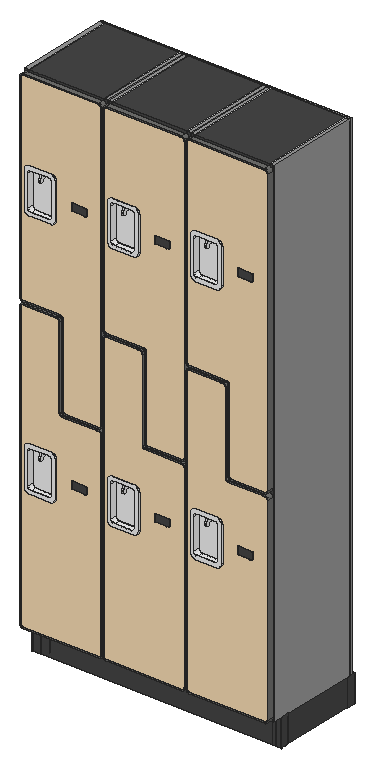
Revit family "Wood_Lockers-Salsbury_Industries-37000_Series-3_Wide_Units", category Specialty Equipment, Revit 2026 (continued)
Definition of nested family "Wood Locker Side Panels-With Slope"
  Automatic sketch dimensions
    plane 12 "Right Side of Wood" to Sweep 3 sketch curve = 0.03661"
    plane 13 "Left Side of Wood" to Extrusion 2 sketch curve = 0.000"
    Extrusion 2 sketch curve to plane 15 "Bottom of Wood" = 0.000"
    plane 12 "Right Side of Wood" to Extrusion 2 sketch curve = 0.000"
    Extrusion 2 sketch curve to plane 13 "Left Side of Wood" = 0.125"  (x2)
    plane 17 to Extrusion 2 sketch curve = 0.00927"
    Extrusion 2 sketch curve to Extrusion 2 sketch curve = 0.04724"
    Extrusion 2 sketch curve to Extrusion 2 sketch curve = 0.125"  (x2)
    plane 12 "Right Side of Wood" to Extrusion 2 sketch curve = 0.03661"
    plane 14 "Top of Wood" to Extrusion 2 sketch curve = 0.125"
    plane 13 "Left Side of Wood" to Extrusion 1 sketch curve = 0.000"
    Extrusion 1 sketch curve to plane 15 "Bottom of Wood" = 0.000"
    plane 12 "Right Side of Wood" to Extrusion 1 sketch curve = 0.000"
    Extrusion 1 sketch curve to plane 13 "Left Side of Wood" = 0.125"  (x2)
    plane 17 to Extrusion 1 sketch curve = 0.00927"
    Extrusion 1 sketch curve to Extrusion 1 sketch curve = 0.04724"
    plane 12 "Right Side of Wood" to Extrusion 1 sketch curve = 0.125"
    Extrusion 1 sketch curve to Extrusion 1 sketch curve = 0.125"
    plane 12 "Right Side of Wood" to Extrusion 1 sketch curve = 0.03661"
    plane 14 "Top of Wood" to Extrusion 1 sketch curve = 0.125"
Definition of nested family "Wood Locker Double Side Panels-No Slope"
  Parameters (values of type "33330DE - 6' H for 15"D Lockers")
    Width = 29.250"
    Visible = yes
    Version = "1.0 (2/29/16)"
    Type Comments = "Double End Panel for Designer Wood Lockers"
    Model = "33330DE"
    Manufacturer = "Salsbury Industries"
    Laminate Surface = none
    Height = 72.000"
    Door Trim = none
    Description = "For 6' H x 15\" D without Sloping Hood"
    Depth = 0.750"
    Default Elevation = 0.000"
  Types (11): name | Width | Visible | Version | Type Comments | Model | Manufacturer | Height | Description
    (no name) | 29.250" | yes | "1.0 (2/29/16)" | "Double End Panel for Designer Wood Lockers" | "33330DE" | "Salsbury Industries" | 72.000" | "For 6' H x 15\" D without Sloping Hood"
    33330DE - 6' H for 15"D Lockers | 29.250" | yes | "1.0 (2/29/16)" | "Double End Panel for Designer Wood Lockers" | "33330DE" | "Salsbury Industries" | 72.000" | "For 6' H x 15\" D without Sloping Hood"
    33333DE - 6' H for 18" D Lockers | 35.250" | yes | "1.0 (2/29/16)" | "Double End Panel for Designer Wood Lockers" | "33333DE" | "Salsbury Industries" | 72.000" | "For 6' H x 18\" D without Sloping Hood"
    33335DE - 6' H for 21" D Lockers | 41.250" | yes | "1.0 (2/29/16)" | "Double End Panel for Designer Wood Lockers" | "33335DE" | "Salsbury Industries" | 72.000" | "For 6' H x 21\" D without Sloping Hood"
    22238 - 6' H for 24" D Lockers | 47.250" | yes | "1.0 (2/29/16)" | "Double End Panel for Designer Wood Lockers" | "22238DE" | "Salsbury Industries" | 72.000" | "For 6' H x 24\" D  without Sloping Hood"
    33300DE - 5' H for 15" D Lockers | 29.250" | yes | "1.0 (2/29/16)" | "Double End Panel for Designer Wood Lockers" | "33300DE" | "Salsbury Industries" | 60.000" | "For 5' H x 21\" D without Sloping Hood"
    33303DE - 5' H for 18" D Lockers | 35.250" | yes | "1.0 (2/29/16)" | "Double End Panel for Designer Wood Lockers" | "33303DE" | "Salsbury Industries" | 60.000" | "For 5' H x 18\" D without Sloping Hood"
    33305DE - 5' H for 21" D Lockers | 41.250" | yes | "1.0 (2/29/16)" | "Double End Panel for Designer Wood Lockers" | "33305DE" | "Salsbury Industries" | 60.000" | "For 5' H x 21\" D without Sloping Hood"
    None | 14.000" | no | "" | "" | "" | "" | 72.000" | ""
    22243 - 6' H for 18" D Lockers | 35.250" | yes | "1.0 (2/29/16)" | "Double End Panel for Extra Wide Designer Wood Lockers" | "22243" | "Salsbury Industries" | 72.000" | "For 6' H x 18\" D without Sloping Hood"
    22245 - 6' H for 21" D Lockers | 41.250" | yes | "1.0 (2/29/16)" | "Double End Panel for Extra Wide Designer Wood Lockers" | "22245" | "Salsbury Industries" | 72.000" | "For 6' H x 21\" D without Sloping Hood"
  Reference planes (in)
    plane 1 "Center (Front/Back)": y = 0
    plane 2: z = 0
    plane 3 "Center (Left/Right)": x = 0
    plane 4 "Back": y = 0.375
    plane 5 "Front": y = -0.375
    plane 6 "Left Side": x = -14.625
    plane 7 "Right Side": x = 14.625
    plane 8 "Bottom": z = 0
    plane 9 "Top": z = 72
    plane 10 "Center Elevation": z = 36
    plane 11 "Wood - Laminate Edge": y = -0.344
    plane 12 "Right Side of Wood": x = 14.5
    plane 13 "Left Side of Wood": x = -14.5
    plane 14 "Top of Wood": z = 71.875
    plane 15 "Bottom of Wood": z = 0.125
  Forms (in)
    Extrusion 1, solid, visible <- "Visible"
      sketch origin (0, 0.375, 0) x (1, 0, 0) y (0, 0, 1)
        loop
          line (-14.5, 71.75) -> (-14.5, 0.25)
          arc (-14.5, 0.25) -> (-14.4633883, 0.1616117) -> (-14.375, 0.125) r 0.125
          line (-14.375, 0.125) -> (14.375, 0.125)
          arc (14.375, 0.125) -> (14.4633883, 0.1616117) -> (14.5, 0.25) r 0.125
          line (14.5, 0.25) -> (14.5, 71.75)
          arc (14.5, 71.75) -> (14.4633883, 71.8383883) -> (14.375, 71.875) r 0.125
          line (14.375, 71.875) -> (-14.375, 71.875)
          arc (-14.375, 71.875) -> (-14.4633883, 71.8383883) -> (-14.5, 71.75) r 0.125
      from 0 to 0.719
    Extrusion 2, solid, material <- "Laminate Surface", visible <- "Visible"
      sketch origin (0, -0.375, 0) x (1, 0, 0) y (0, 0, 1)
        loop
          line (-14.5, 71.75) -> (-14.5, 0.25)
          arc (-14.5, 0.25) -> (-14.4633883, 0.1616117) -> (-14.375, 0.125) r 0.125
          line (-14.375, 0.125) -> (14.375, 0.125)
          arc (14.375, 0.125) -> (14.4633883, 0.1616117) -> (14.5, 0.25) r 0.125
          line (14.5, 0.25) -> (14.5, 71.75)
          arc (14.5, 71.75) -> (14.4633883, 71.8383883) -> (14.375, 71.875) r 0.125
          line (14.375, 71.875) -> (-14.375, 71.875)
          arc (-14.375, 71.875) -> (-14.4633883, 71.8383883) -> (-14.5, 71.75) r 0.125
      from -0.031 to 0
    Sweep 3, solid, material <- "Door Trim", visible <- "Visible"
      path origin (0, -0.375, 0) x (1, 0, 0) y (0, 0, 1)
        loop
          line (-14.5, 71.75) -> (-14.5, 0.25)
          arc (-14.5, 0.25) -> (-14.4633883, 0.1616117) -> (-14.375, 0.125) r 0.125
          line (-14.375, 0.125) -> (14.375, 0.125)
          arc (14.375, 0.125) -> (14.4633883, 0.1616117) -> (14.5, 0.25) r 0.125
          line (14.5, 0.25) -> (14.5, 71.75)
          arc (14.5, 71.75) -> (14.4633883, 71.8383883) -> (14.375, 71.875) r 0.125
          line (14.375, 71.875) -> (-14.375, 71.875)
          arc (-14.375, 71.875) -> (-14.4633883, 71.8383883) -> (-14.5, 71.75) r 0.125
      profile origin (-14.4633883, -0.375, 71.8383883) x (-0.707107, 0, 0.707107) y (0, -1, 0)
        loop
          line (0, 0) -> (0, -0.75) -> (0.125, -0.75) -> (0.125, 0) -> (0, 0)
  Dimensions and locks (in)
    equal spacing: plane 6 "Left Side", plane 3 "Center (Left/Right)", plane 7 "Right Side"
    plane 5 "Front" to plane 1 "Center (Front/Back)" to plane 4 "Back" = 0.375", 0.375"
    "Width": plane 6 "Left Side" to plane 7 "Right Side"
    "Depth": plane 5 "Front" to plane 4 "Back"
    equal spacing: plane 9 "Top", plane 10 "Center Elevation", plane 8 "Bottom"
    "Height": plane 9 "Top" to plane 8 "Bottom"
    locked: plane 5 "Front" to plane 11 "Wood - Laminate Edge" at 0.031
    locked: plane 15 "Bottom of Wood" to plane 8 "Bottom" at 0.125
    locked: plane 12 "Right Side of Wood" to plane 7 "Right Side" at 0.125
    locked: plane 6 "Left Side" to plane 13 "Left Side of Wood" at 0.125
    locked: plane 9 "Top" to plane 14 "Top of Wood" at 0.125
    aligned and locked: level to plane 2
  Automatic sketch dimensions
    plane 13 "Left Side of Wood" to Extrusion 1 sketch curve = 0.000"
    Extrusion 1 sketch curve to plane 15 "Bottom of Wood" = 0.000"
    Extrusion 1 sketch curve to plane 14 "Top of Wood" = 0.000"
    plane 12 "Right Side of Wood" to Extrusion 1 sketch curve = 0.000"
    Extrusion 1 sketch curve to plane 13 "Left Side of Wood" = 0.125"  (x2)
    plane 12 "Right Side of Wood" to Extrusion 1 sketch curve = 0.125"  (x2)
    plane 13 "Left Side of Wood" to Extrusion 2 sketch curve = 0.000"
    Extrusion 2 sketch curve to plane 14 "Top of Wood" = 0.000"
    Extrusion 2 sketch curve to plane 15 "Bottom of Wood" = 0.000"
    plane 12 "Right Side of Wood" to Extrusion 2 sketch curve = 0.000"
    Extrusion 2 sketch curve to plane 13 "Left Side of Wood" = 0.125"  (x2)
    plane 12 "Right Side of Wood" to Extrusion 2 sketch curve = 0.125"
    Extrusion 2 sketch curve to Extrusion 2 sketch curve = 0.125"
    plane 13 "Left Side of Wood" to Sweep 3 sketch curve = 0.000"
    Sweep 3 sketch curve to plane 14 "Top of Wood" = 0.000"
    Sweep 3 sketch curve to plane 15 "Bottom of Wood" = 0.000"
    plane 12 "Right Side of Wood" to Sweep 3 sketch curve = 0.000"
    Sweep 3 sketch curve to plane 13 "Left Side of Wood" = 0.125"  (x2)
    plane 12 "Right Side of Wood" to Sweep 3 sketch curve = 0.125"
    Sweep 3 sketch curve to Sweep 3 sketch curve = 0.125"  (x2)
    Sweep 3 sketch curve to profile plane = 0.000"
    plane 5 "Front" to Sweep 3 sketch curve = 0.000"
    Sweep 3 sketch curve to plane 5 "Front" = 0.750"
Definition of nested family "Wood Locker Double Side Panels-With Slope"
  Parameters (values of type "33339DE - 6' H for 15"D Lockers")
    Width = 29.250"
    Visible = yes
    Version = "1.0 (2/29/16)"
    Type Comments = "Double End Panel for Designer Wood Lockers"
    Slope Height = 5.520"
    Model = "33339DE"
    Manufacturer = "Salsbury Industries"
    Laminate Surface = none
    Height = 72.153"
    Door Trim = none
    Description = "For 6' H x 15\" D Lockers with Sloping Hood"
    Depth = 0.750"
    Default Elevation = 0.000"
  Types (11): name | Width | Visible | Version | Type Comments | Slope Height | Model | Manufacturer | Height | Description
    (no name) | 29.250" | yes | "1.0 (2/29/16)" | "Double End Panel for Designer Wood Lockers" | 5.520" | "33339DE" | "Salsbury Industries" | 72.153" | "For 6' H x 15\" D Lockers with Sloping Hood"
    33339DE - 6' H for 15"D Lockers | 29.250" | yes | "1.0 (2/29/16)" | "Double End Panel for Designer Wood Lockers" | 5.520" | "33339DE" | "Salsbury Industries" | 72.153" | "For 6' H x 15\" D Lockers with Sloping Hood"
    33334DE - 6' H  for 18" D Lockers | 35.250" | yes | "1.0 (2/29/16)" | "Double End Panel for Designer Wood Lockers" | 6.645" | "33334DE" | "Salsbury Industries" | 72.153" | "For 6' H x 18\" D Lockers with Sloping Hood"
    33336DE - 6' H for 21" D Lockers | 41.250" | yes | "1.0 (2/29/16)" | "Double End Panel for Designer Wood Lockers" | 7.770" | "33336DE" | "Salsbury Industries" | 72.153" | "For 6' H x 21\" D Lockers with Sloping Hood"
    22247 - 6' H for 24" D Lockers | 47.250" | yes | "1.0 (2/29/16)" | "Double End Panel for Designer Wood Lockers" | 8.895" | "22247" | "Salsbury Industrries" | 72.153" | "For 6' H x 24\" D Lockers with Sloping Hood"
    33309DE - 5' H for 15" D Lockers | 29.250" | yes | "1.0 (2/29/16)" | "Double End Panel for Designer Wood Lockers" | 5.520" | "33309DE" | "Salsbury Industries" | 60.153" | "For 5' H x  15\" D Lockers with Sloping Hood"
    33304DE - 5' H for 18" D Lockers | 35.250" | yes | "1.0 (2/29/16)" | "Double End Panel for Designer Wood Lockers" | 6.645" | "33304DE" | "Salsbury Industries" | 60.153" | "For 5' H x 18\" D Lockers with Sloping Hood"
    33306DE - 5' H for 21" D Lockers | 41.250" | yes | "1.0 (2/29/16)" | "Double End Panel for Designer Wood Lockers" | 7.770" | "33306DE" | "Salsbury Industries" | 60.153" | "For 5' H x 21\" D Lockers with Sloping Hood"
    None | 14.000" | no | "" | "" | 5.500" | "" | "" | 72.000" | ""
    22244 - 6' H for 18" D Lockers | 35.250" | yes | "1.0 (2/29/16)" | "Double End Panel for Extra Wide Designer Wood Lockers" | 6.645" | "22244DE" | "Salsbury Industries" | 72.153" | "For 6' H x 18\" D Lockers with Sloping Hood"
    22246 - 6' H for 21" D Lockers | 41.250" | yes | "1.0 (2/29/16)" | "Double End Panel for Extra Wide Designer Wood Lockers" | 7.770" | "22246" | "Salsbury Industries" | 72.153" | "For 6' H x 21\" D Lockers with Sloping Hood"
  Reference planes (in)
    plane 1 "Center (Front/Back)": y = 0
    plane 2: z = 0
    plane 3 "Center (Left/Right)": x = 0
    plane 4 "Back": y = 0.375
    plane 5 "Front": y = -0.375
    plane 6 "Left Side": x = -14.625
    plane 7 "Right Side": x = 14.625
    plane 8 "Bottom": z = 0
    plane 9 "Top": z = 72.153
    plane 10 "Center Elevation": z = 36.0765
    plane 11 "Wood - Laminate Edge": y = -0.344
    plane 12 "Right Side of Wood": x = 14.5
    plane 13 "Left Side of Wood": x = -14.5
    plane 14 "Top of Wood": z = 72.028
    plane 15 "Bottom of Wood": z = 0.125
    plane 16: z = 77.673
    plane 17: z = 77.548
  Forms (in)
    Extrusion 1, solid, visible <- "Visible"
      sketch origin (0, 0.375, 0) x (1, 0, 0) y (0, 0, 1)
        loop
          line (14.5, 0.25) -> (14.5, 71.903)
          arc (14.5, 71.903) -> (14.4904849, 71.9508354) -> (14.4633883, 71.9913883) r 0.125
          line (14.4633883, 71.9913883) -> (0.1722396, 77.5387299)
          arc (0.1722396, 77.5387299) -> (0.1490703, 77.5456606) -> (0.125, 77.548) r 0.125
          line (0.125, 77.548) -> (-0.125, 77.548)
          arc (-0.125, 77.548) -> (-0.1490703, 77.5456606) -> (-0.1722396, 77.5387299) r 0.125
          line (-0.1722396, 77.5387299) -> (-14.4633883, 71.9913883)
          arc (-14.4633883, 71.9913883) -> (-14.4904849, 71.9508354) -> (-14.5, 71.903) r 0.125
          line (-14.5, 71.903) -> (-14.5, 0.25)
          arc (-14.5, 0.25) -> (-14.4633883, 0.1616117) -> (-14.375, 0.125) r 0.125
          line (-14.375, 0.125) -> (14.375, 0.125)
          arc (14.375, 0.125) -> (14.4633883, 0.1616117) -> (14.5, 0.25) r 0.125
      from 0 to 0.719
    Extrusion 2, solid, material <- "Laminate Surface", visible <- "Visible"
      sketch origin (0, -0.375, 0) x (1, 0, 0) y (0, 0, 1)
        loop
          line (14.5, 0.25) -> (14.5, 71.903)
          arc (14.5, 71.903) -> (14.4904849, 71.9508354) -> (14.4633883, 71.9913883) r 0.125
          line (14.4633883, 71.9913883) -> (0.1722396, 77.5387299)
          arc (0.1722396, 77.5387299) -> (0.1490703, 77.5456606) -> (0.125, 77.548) r 0.125
          line (0.125, 77.548) -> (-0.125, 77.548)
          arc (-0.125, 77.548) -> (-0.1490703, 77.5456606) -> (-0.1722396, 77.5387299) r 0.125
          line (-0.1722396, 77.5387299) -> (-14.4633883, 71.9913883)
          arc (-14.4633883, 71.9913883) -> (-14.4904849, 71.9508354) -> (-14.5, 71.903) r 0.125
          line (-14.5, 71.903) -> (-14.5, 0.25)
          arc (-14.5, 0.25) -> (-14.4633883, 0.1616117) -> (-14.375, 0.125) r 0.125
          line (-14.375, 0.125) -> (14.375, 0.125)
          arc (14.375, 0.125) -> (14.4633883, 0.1616117) -> (14.5, 0.25) r 0.125
      from -0.031 to 0
    Sweep 3, solid, material <- "Door Trim", visible <- "Visible"
      path origin (0, -0.375, 0) x (1, 0, 0) y (0, 0, 1)
        loop
          line (0.125, 77.548) -> (-0.125, 77.548)
          arc (-0.125, 77.548) -> (-0.1490703, 77.5456606) -> (-0.1722396, 77.5387299) r 0.125
          line (-0.1722396, 77.5387299) -> (-14.4633883, 71.9913883)
          arc (-14.4633883, 71.9913883) -> (-14.4904849, 71.9508354) -> (-14.5, 71.903) r 0.125
          line (-14.5, 71.903) -> (-14.5, 0.25)
          arc (-14.5, 0.25) -> (-14.4633883, 0.1616117) -> (-14.375, 0.125) r 0.125
          line (-14.375, 0.125) -> (14.375, 0.125)
          arc (14.375, 0.125) -> (14.4633883, 0.1616117) -> (14.5, 0.25) r 0.125
          line (14.5, 0.25) -> (14.5, 71.903)
          arc (14.5, 71.903) -> (14.4904849, 71.9508354) -> (14.4633883, 71.9913883) r 0.125
          line (14.4633883, 71.9913883) -> (0.1722396, 77.5387299)
          arc (0.1722396, 77.5387299) -> (0.1490703, 77.5456606) -> (0.125, 77.548) r 0.125
      profile origin (0.1490703, -0.375, 77.5456606) x (0.192562, 0, 0.981285) y (0, -1, 0)
        loop
          line (0, 0) -> (0, -0.75) -> (0.125, -0.75) -> (0.125, 0) -> (0, 0)
  Dimensions and locks (in)
    equal spacing: plane 6 "Left Side", plane 3 "Center (Left/Right)", plane 7 "Right Side"
    plane 5 "Front" to plane 1 "Center (Front/Back)" to plane 4 "Back" = 0.375", 0.375"
    "Width": plane 6 "Left Side" to plane 7 "Right Side"
    "Depth": plane 5 "Front" to plane 4 "Back"
    equal spacing: plane 9 "Top", plane 10 "Center Elevation", plane 8 "Bottom"
    "Height": plane 9 "Top" to plane 8 "Bottom"
    locked: plane 5 "Front" to plane 11 "Wood - Laminate Edge" at 0.031
    locked: plane 15 "Bottom of Wood" to plane 8 "Bottom" at 0.125
    locked: plane 12 "Right Side of Wood" to plane 7 "Right Side" at 0.125
    locked: plane 6 "Left Side" to plane 13 "Left Side of Wood" at 0.125
    locked: plane 9 "Top" to plane 14 "Top of Wood" at 0.125
    "Slope Height": plane 16 to plane 9 "Top"
    locked: plane 16 to plane 17 at 0.125
    aligned and locked: level to plane 2
  Automatic sketch dimensions
    Sweep 3 sketch curve to profile plane = 0.000"
    Sweep 3 sketch curve to plane 5 "Front" = 0.000"
    Sweep 3 sketch curve to Sweep 3 sketch curve = 0.125"  (x2)
    Sweep 3 sketch curve to plane 5 "Front" = 0.750"
    plane 13 "Left Side of Wood" to Sweep 3 sketch curve = 0.000"
    Sweep 3 sketch curve to plane 15 "Bottom of Wood" = 0.000"
    Sweep 3 sketch curve to plane 17 = 0.000"
    plane 12 "Right Side of Wood" to Sweep 3 sketch curve = 0.000"
    Sweep 3 sketch curve to plane 13 "Left Side of Wood" = 0.03661"
    Sweep 3 sketch curve to plane 13 "Left Side of Wood" = 0.125"  (x2)
    plane 17 to Sweep 3 sketch curve = 0.00927"  (x2)
    Sweep 3 sketch curve to plane 3 "Center (Left/Right)" = 0.17224"
    Sweep 3 sketch curve to plane 3 "Center (Left/Right)" = 0.125"
    plane 3 "Center (Left/Right)" to Sweep 3 sketch curve = 0.125"
    Sweep 3 sketch curve to Sweep 3 sketch curve = 0.04724"
    plane 12 "Right Side of Wood" to Sweep 3 sketch curve = 0.125"
    plane 12 "Right Side of Wood" to Sweep 3 sketch curve = 0.03661"
    plane 14 "Top of Wood" to Sweep 3 sketch curve = 0.125"  (x2)
    plane 13 "Left Side of Wood" to Extrusion 2 sketch curve = 0.000"
    Extrusion 2 sketch curve to plane 15 "Bottom of Wood" = 0.000"
    Extrusion 2 sketch curve to plane 17 = 0.000"
    plane 12 "Right Side of Wood" to Extrusion 2 sketch curve = 0.000"
    Extrusion 2 sketch curve to plane 13 "Left Side of Wood" = 0.03661"
    Extrusion 2 sketch curve to plane 13 "Left Side of Wood" = 0.125"  (x2)
    plane 17 to Extrusion 2 sketch curve = 0.00927"  (x2)
    Extrusion 2 sketch curve to plane 3 "Center (Left/Right)" = 0.17224"
    Extrusion 2 sketch curve to Extrusion 2 sketch curve = 0.04724"  (x2)
    plane 3 "Center (Left/Right)" to Extrusion 2 sketch curve = 0.125"
    plane 12 "Right Side of Wood" to Extrusion 2 sketch curve = 0.125"
    Extrusion 2 sketch curve to Extrusion 2 sketch curve = 0.125"
    plane 12 "Right Side of Wood" to Extrusion 2 sketch curve = 0.03661"
    plane 14 "Top of Wood" to Extrusion 2 sketch curve = 0.125"  (x2)
    plane 13 "Left Side of Wood" to Extrusion 1 sketch curve = 0.000"
    Extrusion 1 sketch curve to plane 15 "Bottom of Wood" = 0.000"
    Extrusion 1 sketch curve to plane 17 = 0.000"
    plane 12 "Right Side of Wood" to Extrusion 1 sketch curve = 0.000"
    Extrusion 1 sketch curve to plane 13 "Left Side of Wood" = 0.03661"
    Extrusion 1 sketch curve to plane 13 "Left Side of Wood" = 0.125"  (x2)
    plane 17 to Extrusion 1 sketch curve = 0.00927"  (x2)
    Extrusion 1 sketch curve to plane 3 "Center (Left/Right)" = 0.17224"
    Extrusion 1 sketch curve to Extrusion 1 sketch curve = 0.04724"  (x2)
    plane 3 "Center (Left/Right)" to Extrusion 1 sketch curve = 0.125"
    Extrusion 1 sketch curve to Extrusion 1 sketch curve = 0.125"  (x2)
    plane 12 "Right Side of Wood" to Extrusion 1 sketch curve = 0.03661"
    plane 14 "Top of Wood" to Extrusion 1 sketch curve = 0.125"  (x2)
Definition of nested family "Wood Locker Front Fillers"
  Parameters (values of type "33367 - 15" W for 6'H Lockers without Base")
    Width = 15.000"
    Visible Base = no
    Visible = yes
    Version = "1.0 (2/29/16)"
    Type Comments = "Front Vertical Filler for Designer Wood Lockers"
    Model = "33367"
    Manufacturer = "Salsbury Industries"
    Laminate Surface = none
    Height = 72.000"
    Description = "For 6' H Lockers"
    Depth = 0.750"
    Default Elevation = 0.000"
    Base Height = 0.000"
  Types (18): name | Width | Visible Base | Visible | Version | Type Comments | Model | Manufacturer | Height | Description | Base Height
    (no name) | 15.000" | no | yes | "1.0 (2/29/16)" | "Front Vertical Filler for Designer Wood Lockers" | "33367" | "Salsbury Industries" | 72.000" | "For 6' H Lockers" | 0.000"
    33367 - 15"W for 6' H Lockers with Base | 15.000" | yes | yes | "1.0 (2/29/16)" | "Front Vertical Filler for Designer Wood Lockers" | "33367" | "Salsbury Industries" | 72.000" | "For 6' H Lockers" | 4.000"
    None | 15.000" | no | no | "" | "" | "" | "" | 72.000" | "" | 4.000"
    33369 - 9" W for 6' H Lockers with Base | 9.000" | yes | yes | "1.0 (2/29/16)" | "Front Vertical Filler for Designer Wood Lockers" | "33369" | "Salsbury Industries" | 72.000" | "For 6' H Lockers" | 4.000"
    33367 - 15" W for 5' H Lockers with Base | 15.000" | yes | yes | "1.0 (2/29/16)" | "Front Vertical Filler for Designer Wood Lockers" | "33367" | "Salsbury Industries" | 60.000" | "For 5' H Lockers" | 4.000"
    33369 - 9" W for 5' H Lockers with Base | 9.000" | yes | yes | "1.0 (2/29/16)" | "Front Vertical Filler for Designer Wood Lockers" | "33369" | "Salsbury Industries" | 60.000" | "For 5' H Lockers" | 4.000"
    22265 - 15" W for 6' H Lockers with Base | 15.000" | yes | yes | "1.0 (2/29/16)" | "Front Vertical Filler for Extra Wide Designer Wood Lockers" | "22265" | "Salsbury Industries" | 72.000" | "For 6' H Lockers" | 4.000"
    22265 - 15" W for 5' H Lockers with Base | 15.000" | yes | yes | "1.0 (2/29/16)" | "Front Vertical Filler for Extra Wide Designer Wood Lockers" | "22265" | "Salsbury Industries" | 60.000" | "For 5' H Lockers" | 4.000"
    22269 - 9" W for 6' H Lockers with Base | 9.000" | yes | yes | "1.0 (2/29/16)" | "Front Vertical Filler for Extra Wide Designer Wood Lockers" | "22269" | "Salsbury Industries" | 72.000" | "For 6' H Lockers" | 4.000"
    22269 - 9" W for 5' H Lockers with Base | 9.000" | yes | yes | "1.0 (2/29/16)" | "Front Vertical Filler for Extra Wide Designer Wood Lockers" | "22269" | "Salsbury Industries" | 60.000" | "For 5' H Lockers" | 4.000"
    33367 - 15" W for 6'H Lockers without Base | 15.000" | no | yes | "1.0 (2/29/16)" | "Front Vertical Filler for Designer Wood Lockers" | "33367" | "Salsbury Industries" | 72.000" | "For 6' H Lockers" | 0.000"
    33367 - 15" W for 5' H Lockers without Base | 15.000" | no | yes | "1.0 (2/29/16)" | "Front Vertical Filler for Designer Wood Lockers" | "33367" | "Salsbury Industries" | 60.000" | "For 5' H Lockers" | 0.000"
    33369 - 9" W for 5' H Lockers without Base | 9.000" | no | yes | "1.0 (2/29/16)" | "Front Vertical Filler for Designer Wood Lockers" | "33369" | "Salsbury Industries" | 60.000" | "For 5' H Lockers" | 0.000"
    33369 - 9" W for 6' H Lockers without Base | 9.000" | no | yes | "1.0 (2/29/16)" | "Front Vertical Filler for Designer Wood Lockers" | "33369" | "Salsbury Industries" | 72.000" | "For 6' H Lockers" | 0.000"
    22269 - 9" W for 6' H Lockers without Base | 9.000" | no | yes | "1.0 (2/29/16)" | "Front Vertical Filler for Extra Wide Designer Wood Lockers" | "22269" | "Salsbury Industries" | 72.000" | "For 6' H Lockers" | 0.000"
    22269 - 9" W for 5' H Lockers without Base | 9.000" | no | yes | "1.0 (2/29/16)" | "Front Vertical Filler for Extra Wide Designer Wood Lockers" | "22269" | "Salsbury Industries" | 60.000" | "For 5' H Lockers" | 0.000"
    22265 - 15" W for 6' H Lockers without Base | 15.000" | no | yes | "1.0 (2/29/16)" | "Front Vertical Filler for Extra Wide Designer Wood Lockers" | "22265" | "Salsbury Industries" | 72.000" | "For 6' H Lockers" | 0.000"
    22265 - 15" W for 5' H Lockers without Base | 15.000" | no | yes | "1.0 (2/29/16)" | "Front Vertical Filler for Extra Wide Designer Wood Lockers" | "22265" | "Salsbury Industries" | 60.000" | "For 5' H Lockers" | 0.000"
  Reference planes (in)
    plane 1 "Center (Front/Back)": y = 0
    plane 2: z = 0
    plane 3 "Center (Left/Right)": x = 0
    plane 4 "Back": y = 0.375
    plane 5 "Front": y = -0.375
    plane 6 "Left Side": x = -7.5
    plane 7 "Right Side": x = 7.5
    plane 8 "Bottom": z = 0
    plane 9 "Top": z = 72
    plane 10 "Center Elevation": z = 36
    plane 11 "Wood - Laminate Edge": y = -0.344
    plane 12 "Right Side of Wood": x = 7.375
    plane 13 "Left Side of Wood": x = -7.375
    plane 14 "Top of Wood": z = 71.875
    plane 15 "Bottom of Wood": z = 0.125
    plane 16 "Front of Base Filler": y = 1
  Forms (in)
    Extrusion 1, solid, visible <- "Visible"
      sketch origin (0, 0.375, 0) x (1, 0, 0) y (0, 0, 1)
        loop
          line (7.5, 72) -> (-7.5, 72) -> (-7.5, 0) -> (7.5, 0) -> (7.5, 72)
      from 0 to 0.719
    Extrusion 2, solid, material <- "Laminate Surface", visible <- "Visible"
      sketch origin (0, -0.375, 0) x (1, 0, 0) y (0, 0, 1)
        loop
          line (-7.5, 72) -> (-7.5, 0) -> (7.5, 0) -> (7.5, 72) -> (-7.5, 72)
      from -0.031 to 0
    Extrusion 3, solid, visible <- "Visible Base"
      sketch origin (0, 0, 0) x (1, 0, 0) y (0, 1, 0)
        loop
          line (-7.5, 1.75) -> (-7.5, 0.375) -> (7.5, 0.375) -> (7.5, 1.75) -> (-7.5, 1.75)
      from 0 to 0.75
    Extrusion 4, solid, visible <- "Visible Base"
      sketch origin (0, 0, 0) x (1, 0, 0) y (0, 1, 0)
        loop
          line (-7.5, 1.75) -> (-7.5, 1) -> (7.5, 1) -> (7.5, 1.75) -> (-7.5, 1.75)
      from 0 to -4
  Dimensions and locks (in)
    equal spacing: plane 6 "Left Side", plane 3 "Center (Left/Right)", plane 7 "Right Side"
    plane 5 "Front" to plane 1 "Center (Front/Back)" to plane 4 "Back" = 0.375", 0.375"
    "Width": plane 6 "Left Side" to plane 7 "Right Side"
    "Depth": plane 5 "Front" to plane 4 "Back"
    equal spacing: plane 9 "Top", plane 10 "Center Elevation", plane 8 "Bottom"
    locked: plane 5 "Front" to plane 11 "Wood - Laminate Edge" at 0.031
    locked: plane 15 "Bottom of Wood" to plane 8 "Bottom" at 0.125
    locked: plane 12 "Right Side of Wood" to plane 7 "Right Side" at 0.125
    locked: plane 6 "Left Side" to plane 13 "Left Side of Wood" at 0.125
    locked: plane 9 "Top" to plane 14 "Top of Wood" at 0.125
    locked: plane 5 "Front" to plane 16 "Front of Base Filler" at 1.375
    "Base Height": plane 8 "Bottom" to plane 2
    "Height": plane 9 "Top" to plane 8 "Bottom"
    aligned and locked: level to plane 2
    aligned and locked: plane 8 "Bottom" to Extrusion 1
  Automatic sketch dimensions
    plane 6 "Left Side" to Extrusion 1 sketch curve = 0.000"
    plane 7 "Right Side" to Extrusion 1 sketch curve = 0.000"
    level to Extrusion 1 sketch curve = 0.000"
    Extrusion 1 sketch curve to plane 9 "Top" = 0.000"
    plane 6 "Left Side" to Extrusion 2 sketch curve = 0.000"
    plane 7 "Right Side" to Extrusion 2 sketch curve = 0.000"
    plane 15 "Bottom of Wood" to Extrusion 2 sketch curve = 0.125"
    Extrusion 2 sketch curve to plane 9 "Top" = 0.000"
    plane 4 "Back" to Extrusion 3 sketch curve = 0.000"
    Extrusion 3 sketch curve to plane 6 "Left Side" = 0.000"
    Extrusion 3 sketch curve to plane 7 "Right Side" = 0.000"
    Extrusion 3 sketch curve to plane 16 "Front of Base Filler" = 0.750"
    Extrusion 4 sketch curve to plane 6 "Left Side" = 0.000"
    Extrusion 4 sketch curve to plane 7 "Right Side" = 0.000"
    plane 16 "Front of Base Filler" to Extrusion 4 sketch curve = 0.000"
    Extrusion 4 sketch curve to plane 16 "Front of Base Filler" = 0.750"
Definition of nested family "Wood Locker Front Corner Filler"
  Parameters (values of type "33364 - for 6' H Lockers with Base")
    Width = 2.250"
    Visible Base = yes
    Visible = yes
    Version = "1.0 (2/29/16)"
    Type Comments = "Front Vertical Corner Filler for Designer Wood Lockers"
    Model = "33364"
    Manufacturer = "Salsbury Industries"
    Height = 72.000"
    Description = "For 6' H Lockers"
    Depth = 0.750"
    Default Elevation = 0.000"
    Base Height = 4.000"
  Types (10): name | Visible Base | Visible | Version | Type Comments | Model | Manufacturer | Height | Description | Base Height
    (no name) | yes | yes | "1.0 (2/29/16)" | "Front Vertical Corner Filler for Designer Wood Lockers" | "33364" | "Salsbury Industries" | 72.000" | "For 6' H Lockers" | 4.000"
    33364 - for 6' H Lockers with Base | yes | yes | "1.0 (2/29/16)" | "Front Vertical Corner Filler for Designer Wood Lockers" | "33364" | "Salsbury Industries" | 72.000" | "For 6' H Lockers" | 4.000"
    None | no | no | "" | "" | "" | "" | 72.000" | "" | 4.000"
    33364 - for 5' H Lockers with Base | yes | yes | "1.0 (2/29/16)" | "Front Vertical Corner Filler for Designer Wood Lockers" | "33364" | "Salsbury Industries" | 60.000" | "For 5' H Lockers" | 4.000"
    22264 - for 6' H Lockers with Base | yes | yes | "1.0 (2/29/16)" | "Front Vertical Corner Filler for Extra Wide Designer Wood Lockers" | "22264" | "Salsbury Industries" | 72.000" | "For 6' H Lockers" | 4.000"
    22264 - for 5' H Lockers with Base | yes | yes | "1.0 (2/29/16)" | "Front Vertical Corner Filler for Extra Wide Designer Wood Lockers" | "22264" | "Salsbury Industries" | 60.000" | "For 5' H Lockers" | 4.000"
    33364 - for 6'H Lockers without Base | no | yes | "1.0 (2/29/16)" | "Front Vertical Corner Filler for Designer Wood Lockers" | "33364" | "Salsbury Industries" | 72.000" | "For 6' H Lockers" | 0.000"
    33364 - for 5' H Lockers without Base | no | yes | "1.0 (2/29/16)" | "Front Vertical Corner Filler for Designer Wood Lockers" | "33364" | "Salsbury Industries" | 60.000" | "For 5' H Lockers" | 0.000"
    22264 - for 6' H Lockers without Base | no | yes | "1.0 (2/29/16)" | "Front Vertical Corner Filler for Extra Wide Designer Wood Lockers" | "22264" | "Salsbury Industries" | 72.000" | "For 6' H Lockers" | 0.000"
    22264 - for 5' H Lockers without Base | no | yes | "1.0 (2/29/16)" | "Front Vertical Corner Filler for Extra Wide Designer Wood Lockers" | "22264" | "Salsbury Industries" | 60.000" | "For 5' H Lockers" | 0.000"
  Reference planes (in)
    plane 1 "Center (Front/Back)": y = 0
    plane 2 "Bottom of Base": z = 0
    plane 3 "Center (Left/Right)": x = 0
    plane 4 "Back": y = 0.375
    plane 5 "Front": y = -0.375
    plane 6 "Left Side": x = -1.125
    plane 7 "Right Side": x = 1.125
    plane 8 "Bottom": z = 4
    plane 9 "Top": z = 76
    plane 10 "Center Elevation": z = 40
    plane 11 "Wood - Laminate Edge": y = -0.344
    plane 12 "Right Side of Wood": x = 1
    plane 13 "Left Side of Wood": x = -1
    plane 14 "Top of Wood": z = 75.875
    plane 15 "Bottom of Wood": z = 4.125
    plane 16 "Front of Base Filler": y = 1
  Forms (in)
    Extrusion 1, solid, visible <- "Visible"
      sketch origin (0, 0.375, 0) x (1, 0, 0) y (0, 0, 1)
        loop
          line (1.125, 76) -> (-1.156, 76) -> (-1.156, 4) -> (1.125, 4) -> (1.125, 76)
      from 0 to 0.719
    Extrusion 2, solid, visible <- "Visible"
      sketch origin (0, -0.375, 0) x (1, 0, 0) y (0, 0, 1)
        loop
          line (-1.125, 76) -> (-1.125, 4) -> (1.125, 4) -> (1.125, 76) -> (-1.125, 76)
      from -0.031 to 0
    Extrusion 3, solid, visible <- "Visible"
      sketch origin (-1.875, -1.5, 0) x (0, 1, 0) y (0, 0, 1)
        loop
          line (1.875, 76) -> (-1.125, 76) -> (-1.125, 4) -> (1.875, 4) -> (1.875, 76)
      from 0 to 0.719
    Extrusion 4, solid, visible <- "Visible"
      sketch origin (-1.125, -1.5, 0) x (0, 1, 0) y (0, 0, 1)
        loop
          line (-1.125, 76) -> (-1.125, 4) -> (1.156, 4) -> (1.156, 76) -> (-1.125, 76)
      from -0.031 to 0
    Extrusion 5, solid, visible <- "Visible Base"
      sketch origin (0, 0, 0) x (1, 0, 0) y (0, 1, 0)
        loop
          line (-3.25, 1.75) -> (-3.25, -2.625) -> (-1.875, -2.625) -> (-1.875, 1.75) -> (-3.25, 1.75)
      from 4 to 4.75
    Extrusion 6, solid, visible <- "Visible Base"
      sketch origin (0, 0, 0) x (1, 0, 0) y (0, 1, 0)
        loop
          line (-1.875, 1.75) -> (-1.875, 0.375) -> (1.125, 0.375) -> (1.125, 1.75) -> (-1.875, 1.75)
      from 4 to 4.75
    Extrusion 7, solid, visible <- "Visible Base"
      sketch origin (0, 0, 0) x (1, 0, 0) y (0, 1, 0)
        loop
          line (1.125, 1.75) -> (-2.4340698, 1.75) -> (-2.4340698, 1) -> (1.125, 1) -> (1.125, 1.75)
      from 0 to 4
    Extrusion 8, solid, visible <- "Visible Base"
      sketch origin (0, 0, 0) x (1, 0, 0) y (0, 1, 0)
        loop
          line (-3.25, 1.75) -> (-3.25, -2.625) -> (-2.4340698, -2.625) -> (-2.4340698, 1.75) -> (-3.25, 1.75)
      from 0 to 4
  Dimensions and locks (in)
    equal spacing: plane 6 "Left Side", plane 3 "Center (Left/Right)", plane 7 "Right Side"
    plane 5 "Front" to plane 1 "Center (Front/Back)" to plane 4 "Back" = 0.375", 0.375"
    "Width": plane 6 "Left Side" to plane 7 "Right Side"
    "Depth": plane 5 "Front" to plane 4 "Back"
    equal spacing: plane 9 "Top", plane 10 "Center Elevation", plane 8 "Bottom"
    "Height": plane 9 "Top" to plane 8 "Bottom"
    locked: plane 5 "Front" to plane 11 "Wood - Laminate Edge" at 0.031
    locked: plane 15 "Bottom of Wood" to plane 8 "Bottom" at 0.125
    locked: plane 12 "Right Side of Wood" to plane 7 "Right Side" at 0.125
    locked: plane 6 "Left Side" to plane 13 "Left Side of Wood" at 0.125
    locked: plane 9 "Top" to plane 14 "Top of Wood" at 0.125
    locked: plane 5 "Front" to plane 16 "Front of Base Filler" at 1.375
    "Base Height": plane 8 "Bottom" to plane 2 "Bottom of Base"
    aligned and locked: level to plane 2 "Bottom of Base"
    aligned and locked: plane 8 "Bottom" to Extrusion 1
    aligned and locked: Extrusion 7 to Extrusion 5
    aligned and locked: Extrusion 8 to Extrusion 5
    aligned and locked: Extrusion 7 to Extrusion 8
  Automatic sketch dimensions
    Extrusion 1 sketch curve to plane 9 "Top" = 0.000"
    Extrusion 1 sketch curve to plane 8 "Bottom" = 0.000"
    plane 7 "Right Side" to Extrusion 1 sketch curve = 0.000"
    plane 6 "Left Side" to Extrusion 1 sketch curve = 0.031"
    plane 6 "Left Side" to Extrusion 2 sketch curve = 0.000"
    plane 7 "Right Side" to Extrusion 2 sketch curve = 0.000"
    Extrusion 2 sketch curve to plane 8 "Bottom" = 0.000"
    Extrusion 2 sketch curve to plane 9 "Top" = 0.000"
    plane 9 "Top" to Extrusion 3 sketch curve = 0.000"
    plane 8 "Bottom" to Extrusion 3 sketch curve = 0.000"
    Extrusion 3 sketch curve to plane 4 "Back" = 0.000"
    plane 5 "Front" to Extrusion 3 sketch curve = 2.250"
    plane 8 "Bottom" to Extrusion 4 sketch curve = 0.000"
    plane 9 "Top" to Extrusion 4 sketch curve = 0.000"
    Extrusion 4 sketch curve to plane 11 "Wood - Laminate Edge" = 0.000"
    plane 5 "Front" to Extrusion 4 sketch curve = 2.250"
    plane 6 "Left Side" to Extrusion 5 sketch curve = 2.125"
    plane 6 "Left Side" to Extrusion 5 sketch curve = 0.750"
    plane 5 "Front" to Extrusion 5 sketch curve = 2.250"
    Extrusion 5 sketch curve to plane 16 "Front of Base Filler" = 0.750"
    plane 16 "Front of Base Filler" to Extrusion 7 sketch curve = 0.000"
    Extrusion 7 sketch curve to plane 7 "Right Side" = 0.000"
    plane 6 "Left Side" to Extrusion 7 sketch curve = 1.30907"
    Extrusion 7 sketch curve to plane 16 "Front of Base Filler" = 0.750"
    plane 6 "Left Side" to Extrusion 8 sketch curve = 2.125"
    Extrusion 8 sketch curve to Extrusion 8 sketch curve = 0.81593"
    plane 5 "Front" to Extrusion 8 sketch curve = 2.250"
    Extrusion 8 sketch curve to plane 16 "Front of Base Filler" = 0.750"
    plane 4 "Back" to Extrusion 6 sketch curve = 0.000"
    Extrusion 6 sketch curve to plane 7 "Right Side" = 0.000"
    plane 6 "Left Side" to Extrusion 6 sketch curve = 0.750"
    Extrusion 6 sketch curve to plane 16 "Front of Base Filler" = 0.750"
Definition of nested family "Wood Locker Sloping In-Line Fillers"
  Parameters (values of type "33387 - 15" W for 15" D Lockers")
    Width = 15.000"
    Visible = yes
    Version = "1.0 (2/29/16)"
    Type Comments = "Sloping Hood In-Line Filler for Designer Wood Lockers"
    Model = "33387"
    Manufacturer = "Salsbury Industries"
    Laminate Surface = none
    Height = 5.500"
    Description = "For 15\" D Lockers"
    Depth = 14.000"
    Default Elevation = 0.000"
  Types (14): name | Width | Visible | Version | Type Comments | Model | Manufacturer | Height | Description | Depth
    (no name) | 15.000" | yes | "1.0 (2/29/16)" | "Sloping Hood In-Line Filler for Designer Wood Lockers" | "33387" | "Salsbury Industries" | 5.500" | "For 15\" D Lockers" | 14.000"
    33387 - 15" W for 15" D Lockers | 15.000" | yes | "1.0 (2/29/16)" | "Sloping Hood In-Line Filler for Designer Wood Lockers" | "33387" | "Salsbury Industries" | 5.500" | "For 15\" D Lockers" | 14.000"
    33388 - 15" W for 18" D Lockers | 15.000" | yes | "1.0 (2/29/16)" | "Sloping Hood In-Line Filler for Designer Wood Lockers" | "33388" | "Salsbury Industries" | 6.625" | "For 18\" D Lockers" | 17.000"
    33381 - 15" W for 21" D Lockers | 15.000" | yes | "1.0 (2/29/16)" | "Sloping Hood In-Line Filler for Designer Wood Lockers" | "33381" | "Salsbury Industries" | 7.750" | "For 21\" D Lockers" | 20.000"
    None | 12.000" | no | "" | "" | "" | "" | 5.500" | "" | 14.000"
    22289 - 15" W for 24" D Lockers | 15.000" | yes | "1.0 (2/29/16)" | "Sloping Hood In-Line Filler for Designer Wood Lockers" | "22289" | "Salsbury Industries" | 8.875" | "For 24\" D Lockers" | 23.000"
    22288 - 15" W for 18" D Lockers | 15.000" | yes | "1.0 (2/29/16)" | "Sloping Hood In-Line Filler for Extra Wide Designer Wood Lockers" | "22288" | "Salsbury Industries" | 6.625" | "For 18\" D Lockers" | 17.000"
    22281 - 15" W for 21" D Lockers | 15.000" | yes | "1.0 (2/29/16)" | "Sloping Hood In-Line Filler for Extra Wide Designer Wood Lockers" | "22281" | "Salsbury Industries" | 7.750" | "For 21\" D Lockers" | 20.000"
    33388 - 9" W for 18" D Lockers | 9.000" | yes | "1.0 (2/29/16)" | "Sloping Hood In-Line Filler for Designer Wood Lockers" | "33388" | "Salsbury Industries" | 6.625" | "For 18\" D Lockers" | 17.000"
    33387 - 9" W for 15" D Lockers | 9.000" | yes | "1.0 (2/29/16)" | "Sloping Hood In-Line Filler for Designer Wood Lockers" | "33387" | "Salsbury Industries" | 5.500" | "For 15\" D Lockers" | 14.000"
    33381 - 9" W for 21" D Lockers | 9.000" | yes | "1.0 (2/29/16)" | "Sloping Hood In-Line Filler for Designer Wood Lockers" | "33381" | "Salsbury Industries" | 7.750" | "For 21\" D Lockers" | 20.000"
    22289 - 9" W for 24" D Lockers | 9.000" | yes | "1.0 (2/29/16)" | "Sloping Hood In-Line Filler for Designer Wood Lockers" | "22289" | "Salsbury Industries" | 8.875" | "For 24\" D Lockers" | 23.000"
    22288 - 9" W for 18" D Lockers | 9.000" | yes | "1.0 (2/29/16)" | "Sloping Hood In-Line Filler for Extra Wide Designer Wood Lockers" | "22288" | "Salsbury Industries" | 6.625" | "For 18\" D Lockers" | 17.000"
    22281 - 9" W for 21" D Lockers | 9.000" | yes | "1.0 (2/29/16)" | "Sloping Hood In-Line Filler for Extra Wide Designer Wood Lockers" | "22281" | "Salsbury Industries" | 7.750" | "For 21\" D Lockers" | 20.000"
  Reference planes (in)
    plane 1 "Center (Front/Back)": y = 0
    plane 2: z = 0
    plane 3 "Center (Left/Right)": x = 0
    plane 4 "Front of Hood": y = -7
    plane 5 "Back of Hood": y = 7
    plane 6 "Right Side of Hood": x = 7.5
    plane 7 "Left Side of Hood": x = -7.5
    plane 8 "Bottom of Hood": z = 0
    plane 9 "Top of Hood": z = 5.5
    plane 10: x = 6.75
    plane 11: x = -6.75
    plane 12: y = -6.969
    plane 13: y = -6.25
    plane 14: z = 5.469
    plane 15: z = 4.75
    plane 16: z = 0.062
    plane 17: z = 0.75
  Forms (in)
    Extrusion 1, solid, visible <- "Visible"
      sketch origin (0, 0, 0) x (0, 1, 0) y (0, 0, 1)
        loop
          line (-5.16023, 0) -> (7, 4.75) -> (7, 5.469) -> (-6.9201912, 0.062) -> (-6.969, 0.062) -> (-6.969, 0) -> (-5.16023, 0)
      from -7.5 to 7.5
    Extrusion 2, solid, visible <- "Visible"
      sketch origin (0, 0, 0) x (0, 1, 0) y (0, 0, 1)
        loop
          line (-7, 0.062) -> (-7, 0) -> (-6.969, 0) -> (-6.969, 0.062) -> (-7, 0.062)
      from -7.5 to 7.5
    Extrusion 3, solid, material <- "Laminate Surface", visible <- "Visible"
      sketch origin (0, 0, 0) x (0, 1, 0) y (0, 0, 1)
        loop
          line (7, 5.5) -> (-7, 0.062) -> (-6.9201912, 0.062) -> (7, 5.469) -> (7, 5.5)
      from -7.5 to 7.5
  Dimensions and locks (in)
    equal spacing: plane 7 "Left Side of Hood", plane 3 "Center (Left/Right)", plane 6 "Right Side of Hood"
    "Width": plane 7 "Left Side of Hood" to plane 6 "Right Side of Hood"
    equal spacing: plane 4 "Front of Hood", plane 1 "Center (Front/Back)", plane 5 "Back of Hood"
    "Depth": plane 4 "Front of Hood" to plane 5 "Back of Hood"
    "Height": plane 9 "Top of Hood" to plane 8 "Bottom of Hood"
    plane 7 "Left Side of Hood" to plane 11 = 0.750"
    plane 10 to plane 6 "Right Side of Hood" = 0.750"
    plane 4 "Front of Hood" to plane 12 to plane 13 = 0.031" locked, 0.719" locked
    plane 15 to plane 14 to plane 9 "Top of Hood" = 0.719" locked, 0.031" locked
    locked: plane 16 to plane 8 "Bottom of Hood" at 0.062
    locked: plane 17 to plane 8 "Bottom of Hood" at 0.75
    aligned and locked: level to plane 2
    aligned and locked: Extrusion 1 to plane 6 "Right Side of Hood"
    aligned and locked: plane 7 "Left Side of Hood" to Extrusion 1
    aligned and locked: plane 7 "Left Side of Hood" to Extrusion 3
    aligned and locked: Extrusion 3 to plane 6 "Right Side of Hood"
    aligned and locked: Extrusion 2 to plane 6 "Right Side of Hood"
    aligned and locked: plane 7 "Left Side of Hood" to Extrusion 2
  Automatic sketch dimensions
    Extrusion 2 sketch curve to level = 0.000"
    Extrusion 2 sketch curve to plane 4 "Front of Hood" = 0.000"
    Extrusion 2 sketch curve to plane 12 = 0.000"
    plane 16 to Extrusion 2 sketch curve = 0.000"
    Extrusion 3 sketch curve to plane 4 "Front of Hood" = 0.000"
    plane 16 to Extrusion 3 sketch curve = 0.000"
    Extrusion 3 sketch curve to plane 5 "Back of Hood" = 0.000"
    plane 14 to Extrusion 3 sketch curve = 0.000"
    plane 9 "Top of Hood" to Extrusion 3 sketch curve = 0.000"
    Extrusion 3 sketch curve to plane 12 = 0.04881"
    Extrusion 1 sketch curve to level = 0.000"
    Extrusion 1 sketch curve to plane 12 = 0.000"
    plane 16 to Extrusion 1 sketch curve = 0.000"
    Extrusion 1 sketch curve to plane 5 "Back of Hood" = 0.000"
    plane 15 to Extrusion 1 sketch curve = 0.000"
    plane 14 to Extrusion 1 sketch curve = 0.000"
    Extrusion 1 sketch curve to plane 13 = 1.08977"
    Extrusion 1 sketch curve to plane 12 = 0.04881"
Definition of nested family "Wood Locker Flat In-Line Fillers"
  Parameters (values of type "22241 - 9" W for 21" D Lockers")
    Width = 9.000"
    Visible = yes
    Version = "1.0 (2/29/16)"
    Type Comments = "Flat Top In-Line Filler for Extra Wide Designer Wood Lockers"
    Model = "22241"
    Manufacturer = "Salsbury Industries"
    Laminate Surface = none
    Height = 0.750"
    Description = "For 21\" D Lockers"
    Depth = 19.250"
    Default Elevation = 0.000"
  Types (14): name | Width | Visible | Version | Type Comments | Model | Manufacturer | Description | Depth
    (no name) | 9.000" | yes | "1.0 (2/29/16)" | "Flat Top In-Line Filler for Extra Wide Designer Wood Lockers" | "22241" | "Salsbury Industries" | "For 21\" D Lockers" | 19.250"
    33347 - 15" W for 15" D Lockers | 15.000" | yes | "1.0 (2/29/16)" | "Flat Top In-Line Filler for Designer Wood Lockers" | "33347" | "Salsbury Industries" | "For 15\" D Lockers" | 13.250"
    33348 - 15" W for 18" D Lockers | 15.000" | yes | "1.0 (2/29/16)" | "Flat Top In-Line Filler for Designer Wood Lockers" | "33348" | "Salsbury Industries" | "For 18\" D Lockers" | 16.250"
    33341 - 15" W for 21" D Lockers | 15.000" | yes | "1.0 (2/29/16)" | "Flat Top In-Line Filler for Designer Wood Lockers" | "33341" | "Salsbury Industries" | "For 21\" D Lockers" | 19.250"
    22249 - 15" W for 24" D Lockers | 15.000" | yes | "1.0 (2/29/16)" | "Flat Top In-Line Filler for Extra Wide Designer Wood Lockers" | "22249" | "Salsbury Industries" | "For 24\" D Lockers" | 22.250"
    None | 15.000" | no | "" | "" | "" | "" | "" | 13.250"
    22248 -  15" W for 18" D Lockers | 15.000" | yes | "1.0 (2/29/16)" | "Flat Top In-Line Filler for Extra Wide Designer Wood Lockers" | "22248" | "Salsbury Industries" | "For 18\" D Lockers" | 16.250"
    22241 - 15" W for 21" D Lockers | 15.000" | yes | "1.0 (2/29/16)" | "Flat Top In-Line Filler for Extra Wide Designer Wood Lockers" | "22241" | "Salsbury Industries" | "For 21\" D Lockers" | 19.250"
    33348 - 9" W for 18" D Lockers | 9.000" | yes | "1.0 (2/29/16)" | "Flat Top In-Line Filler for Designer Wood Lockers" | "33348" | "Salsbury Industries" | "For 18\" D Lockers" | 16.250"
    33347 - 9" W for 15" D Lockers | 9.000" | yes | "1.0 (2/29/16)" | "Flat Top In-Line Filler for Designer Wood Lockers" | "33347" | "Salsbury Industries" | "For 15\" D Lockers" | 13.250"
    33341 - 9" W for 21" D Lockers | 9.000" | yes | "1.0 (2/29/16)" | "Flat Top In-Line Filler for Designer Wood Lockers" | "33341" | "Salsbury Industries" | "For 21\" D Lockers" | 19.250"
    22249 - 9" W for 24" D Lockers | 9.000" | yes | "1.0 (2/29/16)" | "Flat Top In-Line Filler for Extra Wide Designer Wood Lockers" | "22249" | "Salsbury Industries" | "For 24\" D Lockers" | 22.250"
    22248 - 9" W for 18" D Lockers | 9.000" | yes | "1.0 (2/29/16)" | "Flat Top In-Line Filler for Extra Wide Designer Wood Lockers" | "22248" | "Salsbury Industries" | "For 18\" D Lockers" | 16.250"
    22241 - 9" W for 21" D Lockers | 9.000" | yes | "1.0 (2/29/16)" | "Flat Top In-Line Filler for Extra Wide Designer Wood Lockers" | "22241" | "Salsbury Industries" | "For 21\" D Lockers" | 19.250"
  Reference planes (in)
    plane 1 "Center (Front/Back)": y = 0
    plane 2: z = 0
    plane 3 "Center (Left/Right)": x = 0
    plane 4 "Right Side": x = 4.5
    plane 5 "Left Side": x = -4.5
    plane 6 "Front Side": y = -9.625
    plane 7 "Back Side": y = 9.625
    plane 8 "Bottom": z = 0
    plane 9 "Top Side": z = 0.75
    plane 10 "Wood - Laminate Line": z = 0.719
  Forms (in)
    Extrusion 1, solid, visible <- "Visible"
      sketch origin (0, 0, 0) x (0, -1, 0) y (1, 0, 0)
        loop
          line (-9.625, -4.5) -> (9.625, -4.5) -> (9.625, 4.5) -> (-9.625, 4.5) -> (-9.625, -4.5)
      from 0 to 0.719
    Extrusion 2, solid, material <- "Laminate Surface", visible <- "Visible"
      sketch origin (0, 0, 0.75) x (1, 0, 0) y (0, 1, 0)
        loop
          line (-4.5, -9.625) -> (4.5, -9.625) -> (4.5, 9.625) -> (-4.5, 9.625) -> (-4.5, -9.625)
      from -0.031 to 0
  Dimensions and locks (in)
    equal spacing: plane 6 "Front Side", plane 1 "Center (Front/Back)", plane 7 "Back Side"
    equal spacing: plane 5 "Left Side", plane 3 "Center (Left/Right)", plane 4 "Right Side"
    "Width": plane 5 "Left Side" to plane 4 "Right Side"
    "Depth": plane 6 "Front Side" to plane 7 "Back Side"
    "Height": plane 9 "Top Side" to plane 8 "Bottom"
    locked: plane 9 "Top Side" to plane 10 "Wood - Laminate Line" at 0.031
    aligned and locked: level to plane 2
  Automatic sketch dimensions
    Extrusion 1 sketch curve to plane 4 "Right Side" = 0.000"
    plane 7 "Back Side" to Extrusion 1 sketch curve = 0.000"
    Extrusion 1 sketch curve to plane 5 "Left Side" = 0.000"
    plane 6 "Front Side" to Extrusion 1 sketch curve = 0.000"
    Extrusion 2 sketch curve to plane 5 "Left Side" = 0.000"
    plane 4 "Right Side" to Extrusion 2 sketch curve = 0.000"
    plane 6 "Front Side" to Extrusion 2 sketch curve = 0.000"
    Extrusion 2 sketch curve to plane 7 "Back Side" = 0.000"
Definition of nested family "Wood Locker Fascia Fillers"
  Parameters (values of type "33362 - for 3-Wide Units")
    Width = 36.000"
    Visible = yes
    Type Comments = "Front Fascia Filler for Designer Wood Lockers"
    Model = "33362"
    Manufacturer = "Salsbury Industries"
    Laminate Surface = none
    Height = 4.000"
    Description = "4' W for Standard Designer Lockers"
    Depth = 0.750"
    Default Elevation = 0.000"
  Types (6): name | Width | Visible | Type Comments | Model | Manufacturer | Description
    (no name) | 36.000" | yes | "Front Fascia Filler for Designer Wood Lockers" | "33362" | "Salsbury Industries" | "4' W for Standard Designer Lockers"
    33362 - for 1-Wide Units | 12.000" | yes | "Front Fascia Filler for Designer Wood Lockers" | "33362" | "Salsbury Industries" | "4' W for Standard Designer Lockers"
    None | 12.000" | no | "" | "" | "" | ""
    33362 - for 3-Wide Units | 36.000" | yes | "Front Fascia Filler for Designer Wood Lockers" | "33362" | "Salsbury Industries" | "4' W for Standard Designer Lockers"
    22262 - for 1-Wide Units | 15.000" | yes | "Front Fascia Filler for Designer Wood Lockers" | "22262" | "Salsbury Industries" | "4' W for Extra Wide Designer Lockers"
    22262 - for 3-Wide Units | 45.000" | yes | "Front Fascia Filler for Designer Wood Lockers" | "22262" | "Salsbury Industries" | "4' W for Extra Wide Designer Lockers"
  Reference planes (in)
    plane 1 "Center (Front/Back)": y = 0
    plane 2: z = 0
    plane 3 "Center (Left/Right)": x = 0
    plane 4 "Back": y = 0.375
    plane 5 "Front": y = -0.375
    plane 6 "Left Side": x = -18
    plane 7 "Right Side": x = 18
    plane 8 "Bottom": z = 0
    plane 9 "Top": z = 4
    plane 10 "Center Elevation": z = 2
    plane 11 "Wood - Laminate Edge": y = -0.344
    plane 12 "Right Side of Wood": x = 17.875
    plane 13 "Left Side of Wood": x = -17.875
    plane 14 "Top of Wood": z = 3.875
    plane 15 "Bottom of Wood": z = 0.125
    plane 16 "Base Bottom": z = 0
    plane 17 "Front of Base Filler": y = 1
  Forms (in)
    Extrusion 1, solid, visible <- "Visible"
      sketch origin (0, 0.375, 0) x (1, 0, 0) y (0, 0, 1)
        loop
          line (18, 4) -> (-18, 4) -> (-18, 0) -> (18, 0) -> (18, 4)
      from 0 to 0.719
    Extrusion 2, solid, material <- "Laminate Surface", visible <- "Visible"
      sketch origin (0, -0.375, 0) x (1, 0, 0) y (0, 0, 1)
        loop
          line (-18, 4) -> (-18, 0) -> (18, 0) -> (18, 4) -> (-18, 4)
      from -0.031 to 0
  Dimensions and locks (in)
    equal spacing: plane 6 "Left Side", plane 3 "Center (Left/Right)", plane 7 "Right Side"
    plane 5 "Front" to plane 1 "Center (Front/Back)" to plane 4 "Back" = 0.375", 0.375"
    "Width": plane 6 "Left Side" to plane 7 "Right Side"
    "Depth": plane 5 "Front" to plane 4 "Back"
    equal spacing: plane 9 "Top", plane 10 "Center Elevation", plane 8 "Bottom"
    "Height": plane 9 "Top" to plane 8 "Bottom"
    locked: plane 5 "Front" to plane 11 "Wood - Laminate Edge" at 0.031
    locked: plane 15 "Bottom of Wood" to plane 8 "Bottom" at 0.125
    locked: plane 12 "Right Side of Wood" to plane 7 "Right Side" at 0.125
    locked: plane 6 "Left Side" to plane 13 "Left Side of Wood" at 0.125
    locked: plane 9 "Top" to plane 14 "Top of Wood" at 0.125
    locked: plane 5 "Front" to plane 17 "Front of Base Filler" at 1.375
    aligned and locked: level to plane 2
    aligned and locked: Extrusion 1 to plane 8 "Bottom"
  Automatic sketch dimensions
    plane 6 "Left Side" to Extrusion 1 sketch curve = 0.000"
    plane 7 "Right Side" to Extrusion 1 sketch curve = 0.000"
    level to Extrusion 1 sketch curve = 0.000"
    Extrusion 1 sketch curve to plane 9 "Top" = 0.000"
    plane 6 "Left Side" to Extrusion 2 sketch curve = 0.000"
    plane 7 "Right Side" to Extrusion 2 sketch curve = 0.000"
    plane 15 "Bottom of Wood" to Extrusion 2 sketch curve = 0.125"
    Extrusion 2 sketch curve to plane 9 "Top" = 0.000"
Definition of nested family "Wood Locker Sloping Hoods"
  Parameters (values of type "33357 - for 15" Deep Lockers (1 Wide)")
    Width = 12.000"
    Visible = yes
    Version = "1.0 (2/29/16)"
    Type Comments = "Sloping Hood for Designer Wood Lockers"
    Model = "33357"
    Manufacturer = "Salsbury Industries"
    Laminate Surface = none
    Height = 5.743"
    Description = "For 15\" D - 1 Wide Lockers"
    Depth = 14.625"
    Default Elevation = 0.000"
  Types (14): name | Width | Visible | Version | Type Comments | Model | Manufacturer | Height | Description | Depth
    (no name) | 12.000" | yes | "1.0 (2/29/16)" | "Sloping Hood for Designer Wood Lockers" | "33357" | "Salsbury Industries" | 5.743" | "For 15\" D - 1 Wide Lockers" | 14.625"
    33357 - for 15" Deep Lockers (1 Wide) | 12.000" | yes | "1.0 (2/29/16)" | "Sloping Hood for Designer Wood Lockers" | "33357" | "Salsbury Industries" | 5.743" | "For 15\" D - 1 Wide Lockers" | 14.625"
    33353 - for 18" Deep Lockers (1 Wide) | 12.000" | yes | "1.0 (2/29/16)" | "Sloping Hood for Designer Wood Lockers" | "33353" | "Salsbury Industries" | 6.868" | "For 18\" D - 1 Wide Lockers" | 17.625"
    33352 - for 21" Deep Lockers (1 Wide) | 12.000" | yes | "1.0 (2/29/16)" | "Sloping Hood for Designer Wood Lockers" | "33352" | "Salsbury Industries" | 7.993" | "For 21\" D - 1 Wide Lockers" | 20.625"
    33359 - for 15" Deep Lockers (3 Wide) | 36.000" | yes | "1.0 (2/29/16)" | "Sloping Hood for Designer Wood Lockers" | "33359" | "Salsbury Industries" | 5.743" | "For 15\" D - 3 Wide Lockers" | 14.625"
    33356 - for 18" Deep Lockers (3 Wide) | 36.000" | yes | "1.0 (2/29/16)" | "Sloping Hood for Designer Wood Lockers" | "33356" | "Salsbury Industries" | 6.868" | "For 18\" D - 3 Wide Lockers" | 17.625"
    33354 - for 21" Deep Lockers (3 Wide) | 36.000" | yes | "1.0 (2/29/16)" | "Sloping Hood for Designer Wood Lockers" | "33354" | "Salsbury Industries" | 7.993" | "For 21\" D - 3 Wide Lockers" | 20.625"
    22255 - for 24" Deep Lockers (1 Wide) | 15.000" | yes | "" | "" | "" | "" | 9.118" | "" | 23.625"
    222257 - for 24" Deep Lockers (3 Wide) | 45.000" | yes | "" | "" | "" | "" | 9.118" | "" | 23.625"
    22252 - for 21" Deep Lockers (1 Wide) | 15.000" | yes | "1.0 (2/29/16)" | "Sloping Hood for Extra Wide Designer Wood Lockers" | "22252" | "Salsbury Industries" | 7.993" | "For 21\" D - 1 Wide Lockers" | 20.625"
    22254 - for 21" Deep Lockers (3 Wide) | 45.000" | yes | "1.0 (2/29/16)" | "Sloping Hood for Extra Wide Designer Wood Lockers" | "22254" | "Salsbury Industries" | 7.993" | "For 21\" D - 3 Wide Lockers" | 20.625"
    22251 - for 18" Deep Lockers (1 Wide) | 15.000" | yes | "1.0 (2/29/16)" | "Sloping Hood for Extra Wide Designer Wood Lockers" | "22251" | "Salsbury Industries" | 6.868" | "For 18\" D - 1 Wide Lockers" | 17.625"
    22253 - for 18" Deep Lockers (3 Wide) | 45.000" | yes | "1.0 (2/29/16)" | "Sloping Hood for Extra Wide Designer Wood Lockers" | "22253" | "Salsbury Industries" | 6.868" | "For 18\" D - 3 Wide Lockers" | 17.625"
    None | 12.000" | no | "" | "" | "" | "" | 5.743" | "" | 14.625"
  Reference planes (in)
    plane 1 "Center (Front/Back)": y = 0
    plane 2: z = 0
    plane 3 "Center (Left/Right)": x = 0
    plane 4 "Front of Hood": y = -7.3125
    plane 5 "Back of Hood": y = 7.3125
    plane 6 "Right Side of Hood": x = 6
    plane 7 "Left Side of Hood": x = -6
    plane 8 "Bottom of Hood": z = 0
    plane 9 "Top of Hood": z = 5.743
    plane 10: x = 5.25
    plane 11: x = -5.25
    plane 12: y = -7.2815
    plane 13: y = -6.5625
    plane 14: z = 5.712
    plane 15: z = 4.993
    plane 16: z = 0.062
    plane 17: z = 0.75
  Forms (in)
    Extrusion 1, solid, visible <- "Visible"
      sketch origin (6, 0.3722738, 0) x (0, -1, 0) y (0, 0, 1)
        loop
          line (-0.25, 2.3802743) -> (-0.25, 0) -> (0.3722738, 0) -> (0.3722738, 2.1372585) -> (-0.25, 2.3802743)
      from 0 to 12
    Extrusion 2, solid, visible <- "Visible"
      sketch origin (0, 0, 0) x (0, 1, 0) y (0, 0, 1)
        loop
          line (-5.47273, 0) -> (7.3125, 4.993) -> (7.3125, 5.712) -> (-7.2326912, 0.062) -> (-7.2815, 0.062) -> (-7.2815, 0) -> (-5.47273, 0)
      from -6 to 6
    Extrusion 3, solid, visible <- "Visible"
      sketch origin (0, 0, 0) x (0, 1, 0) y (0, 0, 1)
        loop
          line (-7.3125, 0.062) -> (-7.3125, 0) -> (-7.2815, 0) -> (-7.2815, 0.062) -> (-7.3125, 0.062)
      from -6 to 6
    Extrusion 4, solid, material <- "Laminate Surface", visible <- "Visible"
      sketch origin (0, 0, 0) x (0, 1, 0) y (0, 0, 1)
        loop
          line (7.3125, 5.743) -> (-7.3125, 0.062) -> (-7.2326912, 0.062) -> (7.3125, 5.712) -> (7.3125, 5.743)
      from -6 to 6
  Dimensions and locks (in)
    equal spacing: plane 7 "Left Side of Hood", plane 3 "Center (Left/Right)", plane 6 "Right Side of Hood"
    "Width": plane 7 "Left Side of Hood" to plane 6 "Right Side of Hood"
    equal spacing: plane 4 "Front of Hood", plane 1 "Center (Front/Back)", plane 5 "Back of Hood"
    "Depth": plane 4 "Front of Hood" to plane 5 "Back of Hood"
    "Height": plane 9 "Top of Hood" to plane 8 "Bottom of Hood"
    plane 7 "Left Side of Hood" to plane 11 = 0.750"
    plane 10 to plane 6 "Right Side of Hood" = 0.750"
    plane 4 "Front of Hood" to plane 12 to plane 13 = 0.031" locked, 0.719" locked
    plane 15 to plane 14 to plane 9 "Top of Hood" = 0.719" locked, 0.031" locked
    locked: plane 16 to plane 8 "Bottom of Hood" at 0.062
    locked: plane 17 to plane 8 "Bottom of Hood" at 0.75
    aligned and locked: level to plane 2
